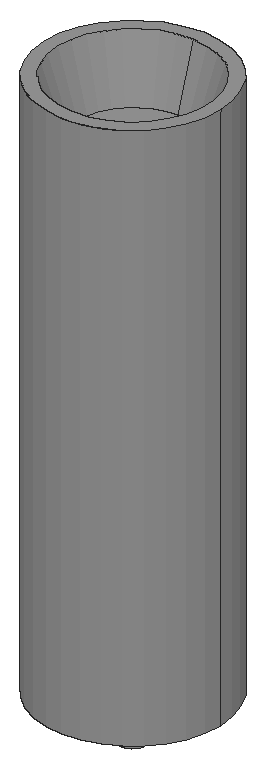
Revit family "2061009 Sylvania Lighting Fixture TubiXx LED surface 2700K black-gold", category Lighting Fixtures, host Face, Revit 2016
Family settings
  Host = Face
  Part Type = Normal
  Round Connector Dimension = Use Diameter
  OmniClass Number = 23.80.70.00
  OmniClass Title = Lighting
  Cut with Voids When Loaded = No
  Light Source = Yes
  Shared = No
  Room Calculation Point = No
Parameters (values of type "2061009 TUBIXX LED SURFACE 2700K BLACK-GOLD")
  Weight = "n/a"
  Wattage Comments = ""
  Wattage = 9.2903 W
  WarrantyStartDate [instance] = "n/a"
  WarrantyGuarantorParts = "n/a"
  WarrantyDurationUnit = "n/a"
  WarrantyDurationParts = ""
  WarrantyDescription = "http://www.sylvania-lighting.com"
  built-in parameter 1150110 = 1 (stored number, unit not read)
  Voltage = 0 V
  URL = "0.95"
  TypeName = "TubiXx LED surface 2700K black-gold"
  Type Image = <None>
  Type Comments = "n/a"
  Tube Recess = 28 mm
  Tube Diameter = 80 mm
  built-in parameter 1114217 = 1 (stored number, unit not read)
  Tilt Angle = 90.00°
  built-in parameter 1150109 = 1 (stored number, unit not read)
  built-in parameter 1150134 = 3
  built-in parameter 1150113 = 1 (stored number, unit not read)
  SerialNumber [instance] = "n/a"
  Photometric Web File = "2061009.ies"
  Material_3_FEILO = none
  PowerFactor = 0
  PowerConsumption = "Lighting"
  NominalLength = 0 mm
  NominalHeight = 0 mm
  NominalDepth = 0 mm
  Name = "TubiXx LED surface 2700K black-gold"
  ModelReference = Name  # "TubiXx LED surface 2700K black-gold"
  ModelNumber = "2061009"
  Model = Name  # "TubiXx LED surface 2700K black-gold"
  Material = "Feilo Sylvania"
  ManufacturerName = "82 lm/W"
  Manufacturer = ""
  LuminousEfficacy = ""
  built-in parameter 1150105 = 109.82 (stored number, unit not read)
  Lumens = 1380 lm
  LuminaireType = "0"
  built-in parameter 1150115 = 1 (stored number, unit not read)
  LightOutputRatio = "LED"
  built-in parameter 1150137 = (empty or 0)
  built-in parameter 1150139 = (empty or 0)
  LampsType = Lamp  # "n/a"
  LampNominalLuminous = "2700 K"
  LampMacAdamStep = "92"
  LampColourTemperature = "LED"
  LampColourRenderingIndex = "16500"
  built-in parameter 1150112 = 1 (stored number, unit not read)
  built-in parameter 1150114 = 1 (stored number, unit not read)
  Lamp = "n/a"
  Keynote = "n/a"
  InstallationDate [instance] = "n/a"
  InputVoltage = "0"
  InputNominalFrequency = "2700"
  built-in parameter 1150132 = (empty or 0)
  built-in parameter 1150102 = (empty or 0)
  built-in parameter 1150107 = 3200 (stored number, unit not read)
  built-in parameter 1150138 = (empty or 0)
  IngressProtection = "IfcLightFixtureType"
  ImpactProtectionIndex = "IfcLightFixtureType"
  built-in parameter 1150106 = 1.0982 (stored number, unit not read)
  IfcExportType = "IfcLightFixtureType"
  IfcExportAs = "Class I"
  Height = 250 mm
  ExpectedLife = 50000
  Emit from Circle Diameter = 609.6 mm
  Emit Shape Visible in Rendering = no
  ElectricShockClassification = "82"
  built-in parameter 1150104 = 13.8 (stored number, unit not read)
  DurationUnit = "hours"
  DocumentationLiterature = "http://www.sylvania-lighting.com/product/en-int/products/2061009"
  DimmingControlOptions = "n/a"
  Material_2_FEILO = none
  Dimming Lamp Color Temperature Shift = <None>
  Description = "TubiXx LED Surface Mounted is a decorative Surface Mounted fixture with integrated driver, equipped with an integrated non-dimmable LED driver, Black finish with Gold reflector, colour temperature 2700K, 14W, 1152lm, 82lm/W, IP20, IK02, Class I. Dimensions 250mmx80mm."
  Default Elevation = 1219.2 mm
  CreatedOn = "22/11/2019"
  CreatedBy = "@sylvania-lighting.com"
  Cost = 0
  Color Filter = 16777215
  built-in parameter 1114216 [instance] = (empty or 0)
  ClassificationValue = "EF_70_80"
  ClassificationName = "Uniclass2015"
  Material_1_FEILO = none
  Cable Clamp Height = 20 mm
  BarCode [instance] = "n/a"
  built-in parameter 1114218 = 1 (stored number, unit not read)
  built-in parameter 1150133 = 10 (stored number, unit not read)
  AssetType = "Fixed"
  AssetIdentifier [instance] = "n/a"
  Assembly Code = "D5020200"
  Apparent Load = 14 VA
  Material_4_FEILO = none
Reference planes
  plane 1 "Center (Front/Back)": y = 0
  plane 2: z = 0
  plane 3 "Center (Left/Right)": x = 0
  plane 4: x = 40
  plane 5: x = -40
  plane 6: y = 40
  plane 7: y = -40
  plane 8: z = 250
  plane 9: z = 0
  plane 10: z = 222
Forms (mm)
  Extrusion 1, solid, material "Aluminum", detail levels medium+fine
    sketch origin (4.2, 0, 0) x (1, 0, 0) y (0, 1, 0)
      loop
        circle (-4.2, 0) r 40
    from 0 to 250
  Blend 2, void
    base sketch origin (4.2, 0, 0) x (0, 1, 0) y (-1, 0, 0)
      loop
        circle (0, 4.2) r 25
    top sketch origin (4.2, 0, 0) x (0, 1, 0) y (-1, 0, 0)
      loop
        circle (0, 4.2) r 34
    from 222 to 250
  Extrusion 3, solid, material "Plastic, Opaque Black", detail levels fine
    sketch origin (3.621, -0.001, 0) x (0, 1, 0) y (1, 0, 0)
      loop
        circle (0.002, -3.635) r 6
    from 0 to 20
  Extrusion 4, solid, detail levels coarse
    sketch origin (4.2, 0, 0) x (0, 1, 0) y (1, 0, 0)
      loop
        line (39.967, 35.75) -> (-40.071, 35.75) -> (-40.071, -44.142) -> (39.967, -44.142) -> (39.967, 35.75)
    from -250 to 0
  Extrusion 5, solid, material "Glass, White, High Luminance", detail levels fine
    sketch origin (4.2, 0, 222) x (0, 1, 0) y (-1, 0, 0)
      loop
        circle (0.004, 4.166) r 25.024
    from 0 to 1
Cuts and joins
  Blend 2 cuts Extrusion 1
Dimensions and locks
  "Tube Diameter": plane 5 to plane 4
  equal spacing: plane 5, plane 3 "Center (Left/Right)", plane 4
  "Tube Diameter": plane 6 to plane 7
  equal spacing: plane 6, plane 1 "Center (Front/Back)", plane 7
  "Height": plane 8 to host face
  "Tube Recess": plane 8 to plane 10
  aligned and locked: plane 2 to host face
  aligned and locked: level to host face
Automatic sketch dimensions
  host sketch curve to host sketch curve = 2438.4 mm  (x2)
  plane 1 "Center (Front/Back)" to Extrusion 1 sketch curve = 0 mm
  Extrusion 1 sketch curve to plane 3 "Center (Left/Right)" = 0 mm
  plane 1 "Center (Front/Back)" to Blend 2 sketch curve = 0 mm  (x2)
  Blend 2 sketch curve to plane 3 "Center (Left/Right)" = 0 mm  (x2)
  Extrusion 4 sketch curve to Extrusion 4 sketch curve = 80.038 mm
  Extrusion 4 sketch curve to Extrusion 4 sketch curve = 79.892 mm
  radius of Extrusion 1 sketch curve = 40 mm
  radius of Blend 2 sketch curve = 25 mm
  radius of Blend 2 sketch curve = 34 mm
  radius of Extrusion 3 sketch curve = 6 mm
  radius of Extrusion 5 sketch curve = 25.024 mm
Connectors
  electrical at (-0.015, 0.001, -20)
    settings: on Extrusion 3, index 1, voltage 0 V, apparent load 0 VA, apparent load phase1 0 VA, apparent load phase2 0 VA, apparent load phase3 0 VA, power factor 1, load classification "Other", number of poles 1, system type 31, power factor state 1, is connector primary yes, connector utility no, sub classification motor no, connector description ""
  electrical at (0, 0, 250)
    settings: on cut or joined group of Extrusion 1, Blend 2, index 2, voltage 0 V, apparent load 0 VA, apparent load phase1 0 VA, apparent load phase2 0 VA, apparent load phase3 0 VA, power factor 1, load classification "Other", number of poles 1, system type 31, power factor state 1, is connector primary no, connector utility no, sub classification motor no, connector description ""
